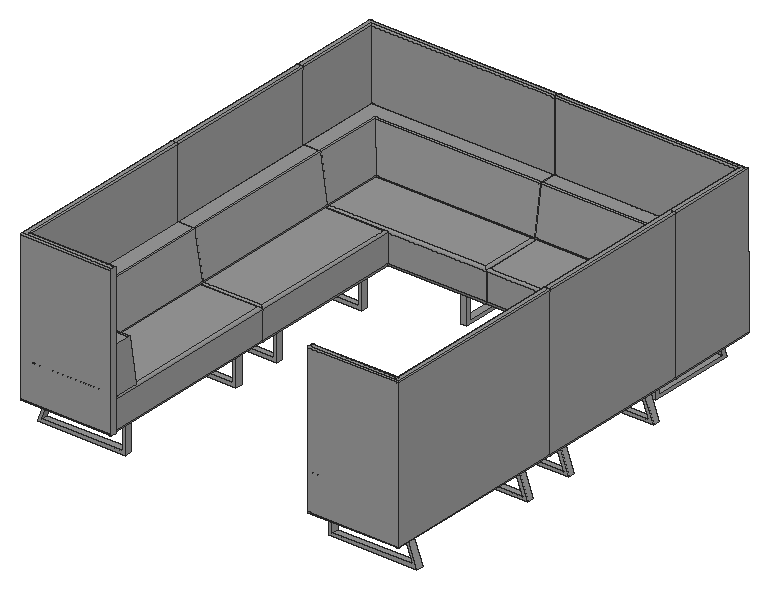
Revit family "TP8H - TP8L", category Furniture, Revit 2016
Family settings
  OmniClass Number = 23.40.20.00
  OmniClass Title = General Furniture and Specialties
  Work Plane-Based = No
  Always vertical = Yes
  Cut with Voids When Loaded = No
  Shared = No
  Room Calculation Point = No
Parameters (values of type "TP8H-K")
  URL = "www.gof.co.uk"
  Seat = GABRIEL Byron_02101
  Range = "SEATING"
  Product Data Specification = "https://gof.co.uk/wp-content/uploads/2016/02/Take-Off-Task-Product-Data-Sheet.compressed.pdf"
  Product Code = "TP8H-K"
  Product Brochure = "https://gof.co.uk/wp-content/uploads/2016/04/Take_Off_Reception_Brochure_2016.pdf"
  Model = "TAKE OFF PLUS"
  Manufacturer = "Gresham Office Furniture"  # constant formula
  Low Surround = GABRIEL Byron_02101
  Low Surround (Vis) = no
  High Surround (Vis) = yes
  High Surround = GABRIEL Byron_02101
  Circular Leg Frame = no
  Back = GABRIEL Byron_06101
  Angled Base Frame = yes
Types (5, lengths in mm): name | Product Code | Low Surround (Vis) | High Surround (Vis) | Circular Leg Frame | Angled Base Frame
  (no name) | "TP8H-K" | no | yes | no | yes
  TP8L-K | "TP8L-K" | yes | no | no | yes
  TP8H-K | "TP8H-K" | no | yes | no | yes
  TP8H-4 | "TP8H-4" | no | yes | yes | no
  TP8L-4 | "TP8L-4" | yes | no | yes | no
Reference planes
  plane 1 "Center (Front/Back)": y = 0
  plane 2: z = 0
  plane 3 "Center (Left/Right)": x = 0
  plane 4: y = 347.5
  plane 5: x = 1446
  plane 6: x = -1446
  plane 7 "Right Inner": x = 1401
  plane 8 "Left Inner": x = -1401
  plane 9: y = 302.5
  plane 10: y = -347.5
  plane 11: z = 1360
Dimensions and locks
  locked: plane 7 "Right Inner" to plane 5 at 45
  locked: plane 6 to plane 8 "Left Inner" at 45
  locked: plane 9 to plane 4 at 45
  locked: plane 10 to plane 4 at 695
  equal spacing: plane 10, plane 1 "Center (Front/Back)", plane 4
  plane 6 to plane 3 "Center (Left/Right)" to plane 5 = 1446 mm, 1446 mm
  plane 11 to level = 1360 mm
  aligned and locked: level to plane 2
Nested families
  nested 1: "TP4H - TP4L Component" at (-723, 0, 0), type "TP4H-K"
  nested 2: "TP4H - TP4L Component" at (723, 0, 0) x (-1, 0, 0) z (0, 0, 1), type "TP4H-K"
  nested 3: "TP1H - TP1L Component" at (1098.5, -947.5, 0) x (0, -1, 0) z (0, 0, 1), type "TP1L-K"
    with Low Surround (Vis) no, High Surround (Vis) yes
  nested 4: "TP1H - TP1L Component" at (-1098.5, -947.5, 0) x (0, -1, 0) z (0, 0, 1), type "TP1L-K"
    with Low Surround (Vis) no, High Surround (Vis) yes
  nested 5: "TP4H - TP4L Component" at (-1098.5, -2270.5, 0) x (0, 1, 0) z (0, 0, 1), type "TP4H-K"
  nested 6: "TP4H - TP4L Component" at (1098.5, -2270.5, 0) x (0, 1, 0) z (0, 0, 1), type "TP4H-K"
Definition of nested family "TP4H - TP4L Component"
  Parameters (values of type "TP4H-K")
    URL = "www.gof.co.uk"
    Seat = none
    Range = "SEATING"
    Product Data Specification = "https://gof.co.uk/wp-content/uploads/2016/02/Take-Off-Task-Product-Data-Sheet.compressed.pdf"
    Product Code = "TP4H-K"
    Product Brochure = "https://gof.co.uk/wp-content/uploads/2016/04/Take_Off_Reception_Brochure_2016.pdf"
    Model = "TAKE OFF PLUS"
    Manufacturer = "Gresham Office Furniture"  # constant formula
    Low Surround = none
    Low Surround (Vis) = no
    High Surround (Vis) = yes
    High Surround = none
    Circular Leg Frame = no
    Back = none
    Angled Base Frame = yes
  Types (5, lengths in mm): name | Product Code | Low Surround (Vis) | High Surround (Vis) | Circular Leg Frame | Angled Base Frame
    (no name) | "TP4H-K" | no | yes | no | yes
    TP4L-K | "TP4L-K" | yes | no | no | yes
    TP4H-K | "TP4H-K" | no | yes | no | yes
    TP4H-4 | "TP4H-4" | no | yes | yes | no
    TP4L-4 | "TP4L-4" | yes | no | yes | no
  Reference planes
    plane 1 "Center (Front/Back)": y = 0
    plane 2: z = 0
    plane 3 "Center (Left/Right)": x = 0
    plane 4: y = 347.5
    plane 5: x = 723
    plane 6: x = -723
    plane 7 "Right Inner": x = 678
    plane 8 "Left Inner": x = -678
    plane 9: y = 302.5
    plane 10: y = -347.5
  Forms (mm)
    Extrusion 1, solid, material <- "Seat"
      sketch origin (0, 0, 215) x (0, 1, 0) y (-1, 0, 0)
        loop
          line (302.5, 678) -> (-347.5, 678) -> (-347.5, -723) -> (302.5, -723) -> (302.5, 678)
      from 0 to 250
    Sweep 2, solid, material <- "Back"
      path in 3D
        loop
          line (-678, -347.5, 465) -> (-678, 302.5, 465) -> (723, 302.5, 465)
      profile origin (22.5, 302.5, 465) x (0, 1, 0) y (0, 0, 1)
        loop
          line (-132.43, 351.697) -> (-190.985, 11.697)
          arc (-190.985, 11.697) -> (-188.778, 3.557) -> (-181.131, 0) r 10
          line (-181.131, 0) -> (-10, 0)
          arc (-10, 0) -> (-2.929, 2.929) -> (0, 10) r 10
          line (0, 10) -> (0, 350)
          arc (0, 350) -> (-2.929, 357.071) -> (-10, 360) r 10
          line (-10, 360) -> (-122.575, 360)
          arc (-122.575, 360) -> (-129.018, 357.648) -> (-132.43, 351.697) r 10
    Sweep 3, solid, material <- "High Surround", visible <- "Low Surround (Vis)"
      path in 3D
        loop
          line (-678, -347.5, 465) -> (-678, 302.5, 465) -> (723, 302.5, 465)
      profile origin (22.5, 302.5, 465) x (0, 1, 0) y (0, 0, 1)
        loop
          arc (10, 360) -> (2.929, 357.071) -> (0, 350) r 10
          line (0, 350) -> (0, -240)
          arc (0, -240) -> (2.929, -247.071) -> (10, -250) r 10
          line (10, -250) -> (35, -250)
          arc (35, -250) -> (42.071, -247.071) -> (45, -240) r 10
          line (45, -240) -> (45, 350)
          arc (45, 350) -> (42.071, 357.071) -> (35, 360) r 10
          line (35, 360) -> (10, 360)
    Sweep 4, solid, material <- "High Surround", visible <- "High Surround (Vis)"
      path in 3D
        loop
          line (-678, -347.5, 1000) -> (-678, 302.5, 1000) -> (723, 302.5, 1000)
      profile origin (22.5, 302.5, 1000) x (0, 1, 0) y (0, 0, 1)
        loop
          arc (10, 360) -> (2.929, 357.071) -> (0, 350) r 10
          line (0, 350) -> (0, -775)
          arc (0, -775) -> (2.929, -782.071) -> (10, -785) r 10
          line (10, -785) -> (35, -785)
          arc (35, -785) -> (42.071, -782.071) -> (45, -775) r 10
          line (45, -775) -> (45, 350)
          arc (45, 350) -> (42.071, 357.071) -> (35, 360) r 10
          line (35, 360) -> (10, 360)
    Sweep 5, void
      path in 3D
        loop
          line (723, -347.5, 465) -> (723, 302.5, 465) -> (-678, 302.5, 465) -> (-678, -347.5, 465) -> (723, -347.5, 465)
      profile origin (22.5, -347.5, 465) x (0, 1, 0) y (0, 0, 1)
        loop
          line (0, 0) -> (0, -20)
          arc (0, -20) -> (5.858, -5.858) -> (20, 0) r 20
          line (20, 0) -> (0, 0)
    Sweep 6, void
      path in 3D
        loop
          line (723, -347.5, 215) -> (723, 302.5, 215) -> (-678, 302.5, 215) -> (-678, -347.5, 215) -> (723, -347.5, 215)
      profile origin (22.5, -347.5, 215) x (0, -1, 0) y (0, 0, -1)
        loop
          line (0, 0) -> (-20, 0)
          arc (-20, 0) -> (-5.858, -5.858) -> (0, -20) r 20
          line (0, -20) -> (0, 0)
  Cuts and joins
    Sweep 5, Sweep 6 cuts Sweep 4
    Sweep 5, Sweep 6 cuts Extrusion 1
    Sweep 5, Sweep 6 cuts Sweep 2
  Lines and regions (mm)
    sketch lines
      curve 1: line (-678, 302.5, 465) -> (723, 302.5, 465)
      curve 2: line (-678, -347.5, 465) -> (-678, 302.5, 465)
      curve 3: line (-678, 302.5, 465) -> (723, 302.5, 465)
      curve 4: line (-678, -347.5, 465) -> (-678, 302.5, 465)
      curve 5: line (-678, 302.5, 1000) -> (723, 302.5, 1000)
      curve 6: line (-678, -347.5, 1000) -> (-678, 302.5, 1000)
      curve 7: line (-678, -347.5, 465) -> (723, -347.5, 465)
      curve 8: line (723, -347.5, 465) -> (723, 302.5, 465)
      curve 9: line (-678, 302.5, 465) -> (-678, -347.5, 465)
      curve 10: line (723, 302.5, 465) -> (-678, 302.5, 465)
      curve 11: line (-678, -347.5, 215) -> (723, -347.5, 215)
      curve 12: line (723, -347.5, 215) -> (723, 302.5, 215)
      curve 13: line (-678, 302.5, 215) -> (-678, -347.5, 215)
      curve 14: line (723, 302.5, 215) -> (-678, 302.5, 215)
  Dimensions and locks
    plane 6 to plane 5 = 1446 mm
    locked: plane 7 "Right Inner" to plane 5 at 45
    locked: plane 6 to plane 8 "Left Inner" at 45
    locked: plane 9 to plane 4 at 45
    locked: plane 10 to plane 4 at 695
    equal spacing: plane 10, plane 1 "Center (Front/Back)", plane 4
    locked: nested 1 to plane 5 at 170
    locked: nested 1 to plane 10 at 26
    locked: plane 6 to nested 2 at 170
    locked: nested 2 to plane 10 at 26
    locked: nested 3 to plane 5 at 62.5
    locked: nested 3 to plane 10 at 20
    locked: plane 6 to nested 4 at 62.5
    locked: nested 4 to plane 10 at 20
    plane 6 to plane 3 "Center (Left/Right)" to plane 5 = 723 mm, 723 mm
    aligned and locked: level to plane 2
  Automatic sketch dimensions
    Extrusion 1 sketch curve to plane 8 "Left Inner" = 0 mm
    Extrusion 1 sketch curve to plane 10 = 0 mm
    Extrusion 1 sketch curve to plane 9 = 0 mm
    plane 7 "Right Inner" to Extrusion 1 sketch curve = 45 mm
    Sweep 2 sketch curve to profile plane = 0 mm  (x2)
    profile plane to Sweep 2 sketch curve = 10 mm  (x2)
    Sweep 2 sketch curve to Sweep 2 sketch curve = 10 mm  (x2)
    Sweep 2 sketch curve to Sweep 2 sketch curve = 112.575 mm
    Sweep 2 sketch curve to Sweep 2 sketch curve = 9.855 mm
    Sweep 2 sketch curve to Sweep 2 sketch curve = 171.131 mm
    profile plane to Sweep 2 sketch curve = 11.697 mm
    Sweep 2 sketch curve to Sweep 2 sketch curve = 340 mm
    profile plane to Sweep 3 sketch curve = 0 mm
    Sweep 3 sketch curve to profile plane = 10 mm  (x2)
    Sweep 3 sketch curve to Sweep 3 sketch curve = 25 mm  (x2)
    Sweep 3 sketch curve to Sweep 3 sketch curve = 10 mm
    Sweep 3 sketch curve to profile plane = 250 mm
    profile plane to Sweep 3 sketch curve = 350 mm
    profile plane to Sweep 4 sketch curve = 0 mm
    Sweep 4 sketch curve to profile plane = 10 mm  (x2)
    Sweep 4 sketch curve to Sweep 4 sketch curve = 25 mm  (x2)
    Sweep 4 sketch curve to Sweep 4 sketch curve = 10 mm
    Sweep 4 sketch curve to profile plane = 785 mm
    profile plane to Sweep 4 sketch curve = 350 mm
    Sweep 5 sketch curve to profile plane = 0 mm  (x2)
    Sweep 5 sketch curve to Sweep 5 sketch curve = 20 mm
    profile plane to Sweep 6 sketch curve = 0 mm
    Sweep 6 sketch curve to profile plane = 0 mm
    Sweep 6 sketch curve to Sweep 6 sketch curve = 20 mm
  Nested families
    nested 1: "Angled Base Frame" at (-122, -83, 0), visible <- "Angled Base Frame", type "Angled Base Frame"
    nested 2: "Angled Base Frame" at (122, -83, 0) x (-1, 0, 0) z (0, 0, 1), visible <- "Angled Base Frame", type "Angled Base Frame"
    nested 3: "Circular Leg Frame" at (-122, -83, 0), visible <- "Circular Leg Frame", type "Circular Leg Frame"
    nested 4: "Circular Leg Frame" at (122, -83, 0) x (-1, 0, 0) z (0, 0, 1), visible <- "Circular Leg Frame", type "Circular Leg Frame"
  Definition of nested family "Angled Base Frame"
    Parameters (values of type "Angled Base Frame")
      Width = 1690 mm
      URL = "www.gof.co.uk"
      Range = "TAKE OFF PLUS"
      Product Code = ""
      Manufacturer = "Gresham Office Funiture"  # constant formula
      Frame = none
    Reference planes
      plane 1 "Center (Front/Back)": y = 83
      plane 2: z = 0
      plane 3 "Center (Left/Right)": x = 0
      plane 4: x = -845
      plane 5: x = 845
      plane 6: y = 430.5
      plane 7: y = -264.5
    Forms (mm)
      Extrusion 1, solid, material <- "Frame"
        sketch origin (675, 334.886, 702) x (0, -1, 0) y (0, 0, 1)
          loop
            line (-101.614, -702) -> (573.386, -702) -> (573.386, -487) -> (-23.614, -487) -> (-101.614, -702)
          loop
            line (548.386, -677) -> (548.386, -512) -> (-6.089, -512) -> (-65.95, -677) -> (548.386, -677)
        from 0 to 50
    Dimensions and locks
      "Width": plane 4 to plane 5
      locked: plane 6 to plane 7 at 695
      equal spacing: plane 4, plane 3 "Center (Left/Right)", plane 5
      Extrusion 1 sketch curve to Extrusion 1 sketch curve = 25 mm  (x2)
      Extrusion 1 sketch curve to Extrusion 1 sketch curve = 675 mm
      Extrusion 1 sketch curve to Extrusion 1 sketch curve = 597 mm
      locked: Extrusion 1 to plane 5 at 170
      locked: Extrusion 1 to plane 7 at 26
      equal spacing: plane 6, plane 1 "Center (Front/Back)", plane 7
      aligned and locked: level to plane 2
    Automatic sketch dimensions
      Extrusion 1 sketch curve to level = 0 mm
      plane 6 to Extrusion 1 sketch curve = 6 mm
      Extrusion 1 sketch curve to plane 6 = 29.664 mm
      Extrusion 1 sketch curve to Extrusion 1 sketch curve = 17.525 mm
      level to Extrusion 1 sketch curve = 25 mm
      Extrusion 1 sketch curve to Extrusion 1 sketch curve = 165 mm
  Definition of nested family "Circular Leg Frame"
    Parameters (values of type "Circular Leg Frame")
      Width = 1690 mm
      URL = "www.gof.co.uk"
      Range = "TAKE OFF PLUS"
      Product Code = ""
      Manufacturer = "Gresham Office Funiture"  # constant formula
      Frame = none
      Foot = none
    Reference planes
      plane 1 "Center (Front/Back)": y = 83
      plane 2: z = 0
      plane 3 "Center (Left/Right)": x = 0
      plane 4: x = -845
      plane 5: x = 845
      plane 6: y = 430.5
      plane 7: y = -264.5
    Forms (mm)
      Extrusion 1, solid, material <- "Frame"
        sketch origin (770, 353.886, 702) x (0, -1, 0) y (0, 0, 1)
          loop
            line (553.386, -487) -> (-26.614, -487) -> (-26.614, -537) -> (553.386, -537) -> (553.386, -487)
        from 0 to 25
      Extrusion 2, solid, material <- "Frame"
        sketch origin (0, -25, 5) x (-1, 0, 0) y (0, -1, 0)
          loop
            circle (-757.5, 194.5) r 25
        from 0 to 210
      Extrusion 3, solid, material <- "Frame"
        sketch origin (0, 239, 5) x (-1, 0, 0) y (0, -1, 0)
          loop
            circle (-757.5, -161.5) r 25
        from 0 to 210
      Extrusion 4, solid, material <- "Foot"
        sketch origin (0, 0, 0) x (1, 0, 0) y (0, 1, 0)
          loop
            circle (757.5, -219.5) r 15
        from 0 to 5
      Extrusion 5, solid, material <- "Foot"
        sketch origin (0, 199, 0) x (1, 0, 0) y (0, 1, 0)
          loop
            circle (757.5, 201.5) r 15
        from 0 to 5
    Cuts and joins
      joined: Extrusion 1, Extrusion 2, Extrusion 3
    Dimensions and locks
      "Width": plane 4 to plane 5
      locked: plane 6 to plane 7 at 695
      equal spacing: plane 4, plane 3 "Center (Left/Right)", plane 5
      Extrusion 1 sketch curve to Extrusion 1 sketch curve = 50 mm
      locked: Extrusion 1 to plane 5 at 75
      locked: Extrusion 2 to plane 7 at 20
      Extrusion 2 to plane 7 = 70 mm
      locked: plane 6 to Extrusion 3 at 5
      plane 6 to Extrusion 5 = 15 mm
      Extrusion 4 to plane 7 = 45 mm
      plane 6 to Extrusion 5 = 30 mm
      equal spacing: plane 6, plane 1 "Center (Front/Back)", plane 7
      aligned and locked: level to plane 2
      aligned and locked: Extrusion 2 to Extrusion 1
    Automatic sketch dimensions
      Extrusion 1 sketch curve to plane 6 = 50 mm
      plane 7 to Extrusion 1 sketch curve = 65 mm
      level to Extrusion 1 sketch curve = 165 mm
      plane 5 to Extrusion 2 sketch curve = 87.5 mm
      plane 7 to Extrusion 2 sketch curve = 45 mm
      plane 6 to Extrusion 3 sketch curve = 30 mm
      Extrusion 3 sketch curve to plane 5 = 87.5 mm
      plane 5 to Extrusion 4 sketch curve = 87.5 mm
      plane 7 to Extrusion 4 sketch curve = 45 mm
      plane 6 to Extrusion 5 sketch curve = 30 mm
      Extrusion 5 sketch curve to plane 5 = 87.5 mm
      radius of Extrusion 2 sketch curve = 25 mm
      radius of Extrusion 3 sketch curve = 25 mm
      radius of Extrusion 4 sketch curve = 15 mm
      radius of Extrusion 5 sketch curve = 15 mm
Definition of nested family "TP1H - TP1L Component"
  Parameters (values of type "TP1H-K")
    URL = "www.gof.co.uk"
    Seat = none
    Range = "SEATING"
    Product Data Specification = "https://gof.co.uk/wp-content/uploads/2016/02/Take-Off-Task-Product-Data-Sheet.compressed.pdf"
    Product Code = "TP1H-K"
    Product Brochure = "https://gof.co.uk/wp-content/uploads/2016/04/Take_Off_Reception_Brochure_2016.pdf"
    Model = "TAKE OFF PLUS"
    Manufacturer = "Gresham Office Furniture"  # constant formula
    Low Surround = none
    Low Surround (Vis) = no
    High Surround (Vis) = yes
    High Surround = none
    Circular Leg Frame = no
    Back = none
    Angled Base Frame = yes
  Types (5, lengths in mm): name | Product Code | Low Surround (Vis) | High Surround (Vis) | Circular Leg Frame | Angled Base Frame
    (no name) | "TP1H-K" | no | yes | no | yes
    TP1L-K | "TP1L-K" | yes | no | no | yes
    TP1H-K | "TP1H-K" | no | yes | no | yes
    TP1H-4 | "TP1H-4" | no | yes | yes | no
    TP1L-4 | "TP1L-4" | yes | no | yes | no
  Reference planes
    plane 1 "Center (Front/Back)": y = 0
    plane 2: z = 0
    plane 3 "Center (Left/Right)": x = 0
    plane 4: y = 347.5
    plane 5: x = 600
    plane 6: x = -600
    plane 7 "Right Inner": x = 555
    plane 8 "Left Inner": x = -555
    plane 9: y = 302.5
    plane 10: y = -347.5
  Forms (mm)
    Extrusion 1, solid, material <- "Seat"
      sketch origin (0, 0, 215) x (0, 1, 0) y (-1, 0, 0)
        loop
          line (302.5, 600) -> (-347.5, 600) -> (-347.5, -600) -> (302.5, -600) -> (302.5, 600)
      from 0 to 250
    Sweep 2, solid, material <- "Back"
      path in 3D
        loop
          line (-600, 302.5, 465) -> (600, 302.5, 465)
      profile origin (0, 302.5, 465) x (0, 1, 0) y (0, 0, 1)
        loop
          line (-132.43, 351.697) -> (-190.985, 11.697)
          arc (-190.985, 11.697) -> (-188.778, 3.557) -> (-181.131, 0) r 10
          line (-181.131, 0) -> (-10, 0)
          arc (-10, 0) -> (-2.929, 2.929) -> (0, 10) r 10
          line (0, 10) -> (0, 350)
          arc (0, 350) -> (-2.929, 357.071) -> (-10, 360) r 10
          line (-10, 360) -> (-122.575, 360)
          arc (-122.575, 360) -> (-129.018, 357.648) -> (-132.43, 351.697) r 10
    Sweep 3, solid, material <- "Low Surround", visible <- "Low Surround (Vis)"
      path in 3D
        loop
          line (-600, 302.5, 465) -> (600, 302.5, 465)
      profile origin (0, 302.5, 465) x (0, 1, 0) y (0, 0, 1)
        loop
          arc (10, 360) -> (2.929, 357.071) -> (0, 350) r 10
          line (0, 350) -> (0, -240)
          arc (0, -240) -> (2.929, -247.071) -> (10, -250) r 10
          line (10, -250) -> (35, -250)
          arc (35, -250) -> (42.071, -247.071) -> (45, -240) r 10
          line (45, -240) -> (45, 350)
          arc (45, 350) -> (42.071, 357.071) -> (35, 360) r 10
          line (35, 360) -> (10, 360)
    Sweep 4, solid, material <- "High Surround", visible <- "High Surround (Vis)"
      path in 3D
        loop
          line (-600, 302.5, 1000) -> (600, 302.5, 1000)
      profile origin (0, 302.5, 1000) x (0, 1, 0) y (0, 0, 1)
        loop
          arc (10, 360) -> (2.929, 357.071) -> (0, 350) r 10
          line (0, 350) -> (0, -775)
          arc (0, -775) -> (2.929, -782.071) -> (10, -785) r 10
          line (10, -785) -> (35, -785)
          arc (35, -785) -> (42.071, -782.071) -> (45, -775) r 10
          line (45, -775) -> (45, 350)
          arc (45, 350) -> (42.071, 357.071) -> (35, 360) r 10
          line (35, 360) -> (10, 360)
    Sweep 5, void
      path in 3D
        loop
          line (600, -347.5, 465) -> (600, 302.5, 465) -> (-600, 302.5, 465) -> (-600, -347.5, 465) -> (600, -347.5, 465)
      profile origin (0, -347.5, 465) x (0, 1, 0) y (0, 0, 1)
        loop
          line (0, 0) -> (0, -20)
          arc (0, -20) -> (5.858, -5.858) -> (20, 0) r 20
          line (20, 0) -> (0, 0)
    Sweep 6, void
      path in 3D
        loop
          line (600, -347.5, 215) -> (600, 302.5, 215) -> (-600, 302.5, 215) -> (-600, -347.5, 215) -> (600, -347.5, 215)
      profile origin (0, -347.5, 215) x (0, -1, 0) y (0, 0, -1)
        loop
          line (0, 0) -> (-20, 0)
          arc (-20, 0) -> (-5.858, -5.858) -> (0, -20) r 20
          line (0, -20) -> (0, 0)
  Cuts and joins
    Sweep 5 cuts Sweep 3
    Sweep 5 cuts Sweep 4
    Sweep 5, Sweep 6 cuts Extrusion 1
    Sweep 5, Sweep 6 cuts Sweep 2
  Lines and regions (mm)
    sketch lines
      curve 1: line (-600, 302.5, 465) -> (600, 302.5, 465)
      curve 2: line (-600, 302.5, 465) -> (600, 302.5, 465)
      curve 3: line (-600, 302.5, 1000) -> (600, 302.5, 1000)
      curve 4: line (-600, -347.5, 465) -> (600, -347.5, 465)
      curve 5: line (600, -347.5, 465) -> (600, 302.5, 465)
      curve 6: line (-600, 302.5, 465) -> (-600, -347.5, 465)
      curve 7: line (600, 302.5, 465) -> (-600, 302.5, 465)
      curve 8: line (-600, -347.5, 215) -> (600, -347.5, 215)
      curve 9: line (600, -347.5, 215) -> (600, 302.5, 215)
      curve 10: line (-600, 302.5, 215) -> (-600, -347.5, 215)
      curve 11: line (600, 302.5, 215) -> (-600, 302.5, 215)
  Dimensions and locks
    plane 6 to plane 5 = 1200 mm
    locked: plane 7 "Right Inner" to plane 5 at 45
    locked: plane 6 to plane 8 "Left Inner" at 45
    locked: plane 9 to plane 4 at 45
    locked: plane 10 to plane 4 at 695
    equal spacing: plane 10, plane 1 "Center (Front/Back)", plane 4
    locked: nested 1 to plane 5 at 170
    locked: nested 1 to plane 10 at 26
    locked: plane 6 to nested 2 at 170
    locked: nested 2 to plane 10 at 26
    locked: nested 3 to plane 5 at 62.5
    locked: nested 3 to plane 10 at 20
    locked: plane 6 to nested 4 at 62.5
    locked: nested 4 to plane 10 at 20
    plane 6 to plane 3 "Center (Left/Right)" to plane 5 = 600 mm, 600 mm
    aligned and locked: level to plane 2
  Automatic sketch dimensions
    plane 8 "Left Inner" to Extrusion 1 sketch curve = 45 mm
    Extrusion 1 sketch curve to plane 10 = 0 mm
    Extrusion 1 sketch curve to plane 9 = 0 mm
    plane 7 "Right Inner" to Extrusion 1 sketch curve = 45 mm
    Sweep 2 sketch curve to profile plane = 0 mm  (x2)
    profile plane to Sweep 2 sketch curve = 10 mm  (x2)
    Sweep 2 sketch curve to Sweep 2 sketch curve = 10 mm  (x2)
    Sweep 2 sketch curve to Sweep 2 sketch curve = 112.575 mm
    Sweep 2 sketch curve to Sweep 2 sketch curve = 9.855 mm
    Sweep 2 sketch curve to Sweep 2 sketch curve = 171.131 mm
    profile plane to Sweep 2 sketch curve = 11.697 mm
    Sweep 2 sketch curve to Sweep 2 sketch curve = 340 mm
    profile plane to Sweep 3 sketch curve = 0 mm
    Sweep 3 sketch curve to profile plane = 10 mm  (x2)
    Sweep 3 sketch curve to Sweep 3 sketch curve = 25 mm  (x2)
    Sweep 3 sketch curve to Sweep 3 sketch curve = 10 mm
    Sweep 3 sketch curve to profile plane = 250 mm
    profile plane to Sweep 3 sketch curve = 350 mm
    profile plane to Sweep 4 sketch curve = 0 mm
    Sweep 4 sketch curve to profile plane = 10 mm  (x2)
    Sweep 4 sketch curve to Sweep 4 sketch curve = 25 mm  (x2)
    Sweep 4 sketch curve to Sweep 4 sketch curve = 10 mm
    Sweep 4 sketch curve to profile plane = 785 mm
    profile plane to Sweep 4 sketch curve = 350 mm
    Sweep 5 sketch curve to profile plane = 0 mm  (x2)
    Sweep 5 sketch curve to Sweep 5 sketch curve = 20 mm
    profile plane to Sweep 6 sketch curve = 0 mm
    Sweep 6 sketch curve to profile plane = 0 mm
    Sweep 6 sketch curve to Sweep 6 sketch curve = 20 mm
  Nested families
    nested 1: "Angled Base Frame" at (-245, -83, 0), visible <- "Angled Base Frame", type "Angled Base Frame"
    nested 2: "Angled Base Frame" at (245, -83, 0) x (-1, 0, 0) z (0, 0, 1), visible <- "Angled Base Frame", type "Angled Base Frame"
    nested 3: "Circular Leg Frame" at (-245, -83, 0), visible <- "Circular Leg Frame", type "Circular Leg Frame"
    nested 4: "Circular Leg Frame" at (245, -83, 0) x (-1, 0, 0) z (0, 0, 1), visible <- "Circular Leg Frame", type "Circular Leg Frame"
  Definition of nested family "Angled Base Frame"
    Parameters (values of type "Angled Base Frame")
      Width = 1690 mm
      URL = "www.gof.co.uk"
      Range = "TAKE OFF PLUS"
      Product Code = ""
      Manufacturer = "Gresham Office Funiture"  # constant formula
      Frame = none
    Reference planes
      plane 1 "Center (Front/Back)": y = 83
      plane 2: z = 0
      plane 3 "Center (Left/Right)": x = 0
      plane 4: x = -845
      plane 5: x = 845
      plane 6: y = 430.5
      plane 7: y = -264.5
    Forms (mm)
      Extrusion 1, solid, material <- "Frame"
        sketch origin (675, 334.886, 702) x (0, -1, 0) y (0, 0, 1)
          loop
            line (-101.614, -702) -> (573.386, -702) -> (573.386, -487) -> (-23.614, -487) -> (-101.614, -702)
          loop
            line (548.386, -677) -> (548.386, -512) -> (-6.089, -512) -> (-65.95, -677) -> (548.386, -677)
        from 0 to 50
    Dimensions and locks
      "Width": plane 4 to plane 5
      locked: plane 6 to plane 7 at 695
      equal spacing: plane 4, plane 3 "Center (Left/Right)", plane 5
      Extrusion 1 sketch curve to Extrusion 1 sketch curve = 25 mm  (x2)
      Extrusion 1 sketch curve to Extrusion 1 sketch curve = 675 mm
      Extrusion 1 sketch curve to Extrusion 1 sketch curve = 597 mm
      locked: Extrusion 1 to plane 5 at 170
      locked: Extrusion 1 to plane 7 at 26
      equal spacing: plane 6, plane 1 "Center (Front/Back)", plane 7
      aligned and locked: level to plane 2
    Automatic sketch dimensions
      Extrusion 1 sketch curve to level = 0 mm
      plane 6 to Extrusion 1 sketch curve = 6 mm
      Extrusion 1 sketch curve to plane 6 = 29.664 mm
      Extrusion 1 sketch curve to Extrusion 1 sketch curve = 17.525 mm
      level to Extrusion 1 sketch curve = 25 mm
      Extrusion 1 sketch curve to Extrusion 1 sketch curve = 165 mm
  Definition of nested family "Circular Leg Frame"
    Parameters (values of type "Circular Leg Frame")
      Width = 1690 mm
      URL = "www.gof.co.uk"
      Range = "TAKE OFF PLUS"
      Product Code = ""
      Manufacturer = "Gresham Office Funiture"  # constant formula
      Frame = none
      Foot = none
    Reference planes
      plane 1 "Center (Front/Back)": y = 83
      plane 2: z = 0
      plane 3 "Center (Left/Right)": x = 0
      plane 4: x = -845
      plane 5: x = 845
      plane 6: y = 430.5
      plane 7: y = -264.5
    Forms (mm)
      Extrusion 1, solid, material <- "Frame"
        sketch origin (770, 353.886, 702) x (0, -1, 0) y (0, 0, 1)
          loop
            line (553.386, -487) -> (-26.614, -487) -> (-26.614, -537) -> (553.386, -537) -> (553.386, -487)
        from 0 to 25
      Extrusion 2, solid, material <- "Frame"
        sketch origin (0, -25, 5) x (-1, 0, 0) y (0, -1, 0)
          loop
            circle (-757.5, 194.5) r 25
        from 0 to 210
      Extrusion 3, solid, material <- "Frame"
        sketch origin (0, 239, 5) x (-1, 0, 0) y (0, -1, 0)
          loop
            circle (-757.5, -161.5) r 25
        from 0 to 210
      Extrusion 4, solid, material <- "Foot"
        sketch origin (0, 0, 0) x (1, 0, 0) y (0, 1, 0)
          loop
            circle (757.5, -219.5) r 15
        from 0 to 5
      Extrusion 5, solid, material <- "Foot"
        sketch origin (0, 199, 0) x (1, 0, 0) y (0, 1, 0)
          loop
            circle (757.5, 201.5) r 15
        from 0 to 5
    Cuts and joins
      joined: Extrusion 1, Extrusion 2, Extrusion 3
    Dimensions and locks
      "Width": plane 4 to plane 5
      locked: plane 6 to plane 7 at 695
      equal spacing: plane 4, plane 3 "Center (Left/Right)", plane 5
      Extrusion 1 sketch curve to Extrusion 1 sketch curve = 50 mm
      locked: Extrusion 1 to plane 5 at 75
      locked: Extrusion 2 to plane 7 at 20
      Extrusion 2 to plane 7 = 70 mm
      locked: plane 6 to Extrusion 3 at 5
      plane 6 to Extrusion 5 = 15 mm
      Extrusion 4 to plane 7 = 45 mm
      plane 6 to Extrusion 5 = 30 mm
      equal spacing: plane 6, plane 1 "Center (Front/Back)", plane 7
      aligned and locked: level to plane 2
      aligned and locked: Extrusion 2 to Extrusion 1
    Automatic sketch dimensions
      Extrusion 1 sketch curve to plane 6 = 50 mm
      plane 7 to Extrusion 1 sketch curve = 65 mm
      level to Extrusion 1 sketch curve = 165 mm
      plane 5 to Extrusion 2 sketch curve = 87.5 mm
      plane 7 to Extrusion 2 sketch curve = 45 mm
      plane 6 to Extrusion 3 sketch curve = 30 mm
      Extrusion 3 sketch curve to plane 5 = 87.5 mm
      plane 5 to Extrusion 4 sketch curve = 87.5 mm
      plane 7 to Extrusion 4 sketch curve = 45 mm
      plane 6 to Extrusion 5 sketch curve = 30 mm
      Extrusion 5 sketch curve to plane 5 = 87.5 mm
      radius of Extrusion 2 sketch curve = 25 mm
      radius of Extrusion 3 sketch curve = 25 mm
      radius of Extrusion 4 sketch curve = 15 mm
      radius of Extrusion 5 sketch curve = 15 mm
